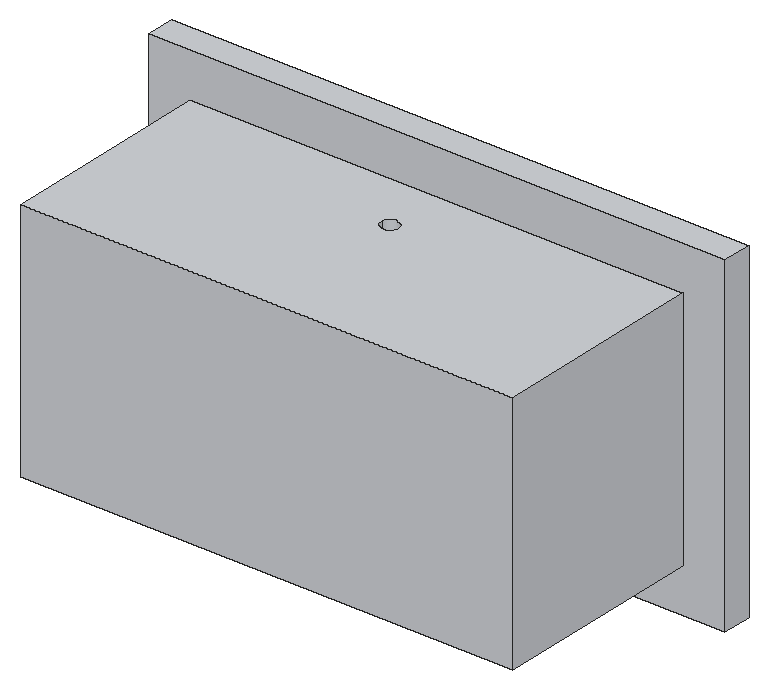
Revit family "AX9440E-TRAP-DOOR_0006", category Appareils sanitaires, Revit 2016
Family settings
  Hôte = Mur
  Type d'élément = Normal
  Cote de connecteur circulaire = Utiliser le diamètre
  Numéro OmniClass = 23.75.00.00
  Titre OmniClass = Climate Control (HVAC)
  Toujours verticalement = Oui
  Couper avec des vides une fois chargée = Non
  Partagée = Non
  Point de calcul de pièce = Non
Parameters (values of type "Type 1")
  URL = "https://www.axeuro.com/fr/distributeurs-de-savon/24610-reservoir-de-savon-encastre-ax9440e-trap-door.html?search_query=ax9440&results=3"
  Modèle = "AX9440E-TRAP-DOOR"  # constant formula
  Matériaux = "En inox 304 (18/10) Bactériostatique"  # constant formula
  Finition = "Brossé Poli Satiné HyperPolish"  # constant formula
  Fabricant = "Axeuro"  # constant formula
  Description = "Réservoir de savon"  # constant formula
Reference planes
  plane 1 "Mur": y = 0
  plane 2 "Centre (gauche/droite)": x = 0
  plane 3 "Arrière": y = 75
Forms (mm)
  Extrusion 1, solid
    sketch origin (549.424, 30, -126.844) x (1, 0, 0) y (0, 0, 1)
      loop
        line (-419.424, 1838.687) -> (-679.424, 1838.687) -> (-679.424, 1688.687) -> (-419.424, 1688.687) -> (-419.424, 1838.687)
    from -58 to -45
  Extrusion 2, solid
    sketch origin (568.424, -8, -106.844) x (1, 0, 0) y (0, 0, 1)
      loop
        line (-457.424, 1798.687) -> (-679.424, 1798.687) -> (-679.424, 1688.687) -> (-457.424, 1688.687) -> (-457.424, 1798.687)
    from -83 to 13
  Revolve 3, solid
    sketch origin (0, -95.015, -266.733) x (0, 1, 0) y (0, 0, 1)
      loop
        line (183.015, 1951.576) -> (183.015, 1947.779) -> (188.973, 1947.779)
        arc (188.973, 1947.779) -> (186.535, 1950.527) -> (183.015, 1951.576) r 6.699
      axis (188.973, 1939.978) -> (183.015, 1939.978)
    angle from 0 to 360
  Extrusion 4, solid
    sketch origin (0, -20.015, -266.733) x (1, 0, 0) y (0, 0, 1)
      loop
        circle (0, 1940.019) r 7.777
    from -113.973 to -108.015
  Extrusion 5, void
    sketch origin (2.201, -20.015, -266.096) x (1, 0, 0) y (0, 0, 1)
      loop
        line (-0.713, 1944.317) -> (-3.713, 1944.317) -> (-3.713, 1934.447) -> (-0.713, 1934.447) -> (-0.713, 1944.317)
    from -113.973 to -108.015
  Revolve 6, solid, not visible
    sketch origin (195.933, -84.672, 18.451) x (0, 1, 0) y (0, 0, 1)
      loop
        line (183.015, 1951.576) -> (183.015, 1947.779) -> (188.973, 1947.779)
        arc (188.973, 1947.779) -> (186.535, 1950.527) -> (183.015, 1951.576) r 6.699
      axis (188.973, 1939.978) -> (183.015, 1939.978)
    angle from 0 to 360
  Extrusion 7, solid, not visible
    sketch origin (195.933, -9.672, 18.451) x (1, 0, 0) y (0, 0, 1)
      loop
        circle (0, 1940.019) r 7.777
    from -113.973 to -108.015
  Extrusion 8, void, not visible
    sketch origin (198.134, -9.672, 19.088) x (1, 0, 0) y (0, 0, 1)
      loop
        line (-0.713, 1944.317) -> (-3.713, 1944.317) -> (-3.713, 1934.447) -> (-0.713, 1934.447) -> (-0.713, 1944.317)
    from -113.973 to -108.015
  Revolve 9, solid
    sketch origin (0, -60.463, -751.448) x (0, 1, 0) y (0, 0, 1)
      loop
        line (148.463, 2368.795) -> (156.469, 2368.795)
        arc (156.469, 2368.795) -> (154.446, 2375.925) -> (148.463, 2380.3) r 11.385
        line (148.463, 2380.3) -> (148.463, 2368.795)
      axis (156.469, 2368.795) -> (148.463, 2368.795)
    angle from 0 to 360
  Revolve 10, solid
    sketch origin (-60.009, -60.463, -751.448) x (0, 1, 0) y (0, 0, -1)
      loop
        line (148.463, -2368.795) -> (148.463, -2380.3)
        arc (148.463, -2380.3) -> (154.446, -2375.925) -> (156.469, -2368.795) r 11.385
        line (156.469, -2368.795) -> (148.463, -2368.795)
      axis (156.469, -2368.795) -> (148.463, -2368.795)
    angle from 0 to 360
  Extrusion 11, void
    sketch origin (0, 9.297, 0) x (1, 0, 0) y (0, 1, 0)
      loop
        circle (0, 39.403) r 4
    from 1678.221 to 1691.843
Cuts and joins
  Extrusion 5 cuts Extrusion 4
  Extrusion 11 cuts Extrusion 2
Text (mm)
  text "Côté de la mise en place" at (-1820.995, 1116.779, 0), in view "Niveau de réf."
  text "Côté de la mise en place" at (0, 1334.055, 2976.191), in view "Gauche"
  text "Côté de la mise en place" at (0, 439.194, 2944.362), in view "Droite"
Dimensions and locks
  locked: plane 3 "Arrière" to host wall
  aligned and locked: plane 1 "Mur" to host wall
